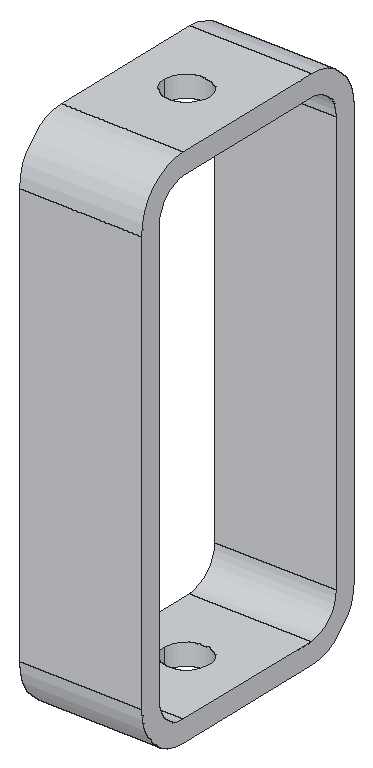
Revit family "Abhänger 2-Loch", category HLS-Bauteile, Revit 2017
Family settings
  Bemaßung runder Anschluss = Durchmesser verwenden
  Teiletyp = Normal
  Arbeitsebenenbasiert = Ja
  Immer vertikal = Nein
  Beim Laden mit Abzugskörper schneiden = Nein
  Gemeinsam genutzt = Ja
  Raumberechnungspunkt = Nein
Parameters (values of type "Abhänger 2-Loch")
  vpe = "50 St"
  Default Elevation = 1219.2 mm
  Regelhalter [instance] = ""
  Mengeneinheit = "St"
  Material = "Stahl"
  Kurztext2 = "für Gewinde M8"
  Kurztext1 = "Abhänger 2-Loch verst. H 79 mm"
  Gewicht pro Bauteil = Gewicht  # 0.196 kg
  Gewicht = 0.196 kg
  Firma = "MEFA Befestigungs- und Montagesysteme GmbH"
  Fabrikat = "MEFA"
  EAN = "4250928447005"
  Artikelnummer = "9998541"
Reference planes
  plane 1 "Mitte (Vorne/hinten)": y = 0
  plane 2: z = 0
  plane 3 "Mitte (Links/rechts)": x = 0
Forms (mm)
  Extrusion 1, solid, detail levels fine
    sketch origin (0, 4, 0) x (0, 1, 0) y (0, 0, 1)
      loop
        line (-19, -50) -> (11, -50)
        arc (11, -50) -> (18.071, -47.071) -> (21, -40) r 10
        line (21, -40) -> (21, 40)
        arc (21, 40) -> (18.071, 47.071) -> (11, 50) r 10
        line (11, 50) -> (-19, 50)
        arc (-19, 50) -> (-26.071, 47.071) -> (-29, 40) r 10
        line (-29, 40) -> (-29, -40)
        arc (-29, -40) -> (-26.071, -47.071) -> (-19, -50) r 10
      loop
        line (11, 46) -> (-18.976, 46)
        arc (-18.976, 46) -> (-23.236, 44.236) -> (-25, 39.976) r 6.024
        line (-25, 39.976) -> (-25, -40)
        arc (-25, -40) -> (-23.243, -44.243) -> (-19, -46) r 6
        line (-19, -46) -> (11, -46)
        arc (11, -46) -> (15.243, -44.243) -> (17, -40) r 6
        line (17, -40) -> (17, 40)
        arc (17, 40) -> (15.243, 44.243) -> (11, 46) r 6
    from -11.5 to 11.5
  Extrusion 2, void
    sketch origin (0, 0, 0) x (1, 0, 0) y (0, 1, 0)
      loop
        circle (0, 0) r 4.25
    from -60 to 60
  Extrusion 3, solid, detail levels coarse+medium
    sketch origin (0, 4, 0) x (0, 1, 0) y (0, 0, 1)
      loop
        line (-19, -50) -> (11, -50)
        arc (11, -50) -> (18.071, -47.071) -> (21, -40) r 10
        line (21, -40) -> (21, 40)
        arc (21, 40) -> (18.071, 47.071) -> (11, 50) r 10
        line (11, 50) -> (-19, 50)
        arc (-19, 50) -> (-26.071, 47.071) -> (-29, 40) r 10
        line (-29, 40) -> (-29, -40)
        arc (-29, -40) -> (-26.071, -47.071) -> (-19, -50) r 10
      loop
        line (11, 46) -> (-18.976, 46)
        arc (-18.976, 46) -> (-23.236, 44.236) -> (-25, 39.976) r 6.024
        line (-25, 39.976) -> (-25, -40)
        arc (-25, -40) -> (-23.243, -44.243) -> (-19, -46) r 6
        line (-19, -46) -> (11, -46)
        arc (11, -46) -> (15.243, -44.243) -> (17, -40) r 6
        line (17, -40) -> (17, 40)
        arc (17, 40) -> (15.243, 44.243) -> (11, 46) r 6
    from -11.5 to 11.5
Cuts and joins
  Extrusion 2 cuts Extrusion 1
Dimensions and locks
  aligned and locked: level to plane 2
